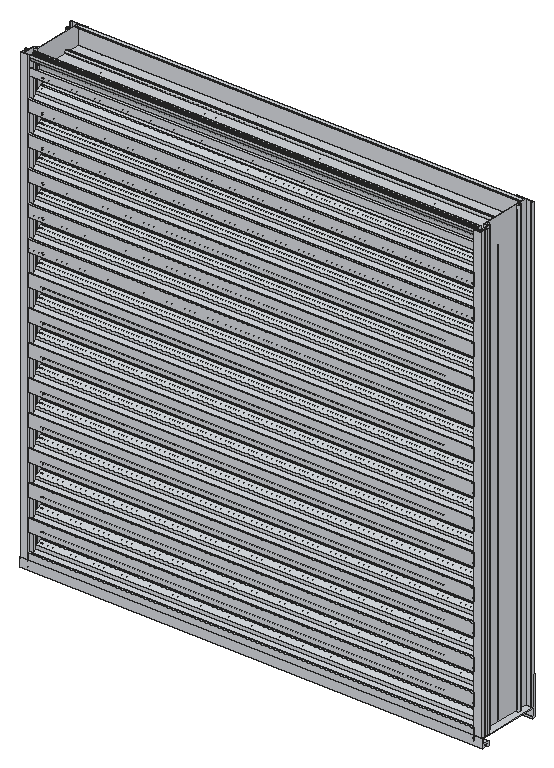
Revit family "D-HV-5", category Generic Models, Revit 2025
Family settings
  Can host rebar = No
  Round Connector Dimension = Use Diameter
  Part Type = Normal
  Work Plane-Based = No
  Always vertical = Yes
  Cut with Voids When Loaded = No
  Maintain Annotation Orientation = No
  Shared = No
  Room Calculation Point = No
Parameters
  rear Blade First Spacing = 0' - 1 1/4"
  Width = 3' - 0"
  Rear Blade Spacing = 0' - 0 13/16"
  Rear Blade Height = Height - 0' 1 1/2"  # 2' - 10 1/2"
  Height = 3' - 0"
  Front Blade Width = Width - 0' 1 9/32"  # 2' - 10 23/32"
  Frnt First Blade Spacing = 0' - 2.70486"
  Frnt Blade Spacing = 0' - 2 7/16"
  Depth = 0' - 5"
  Default Elevation = 0' - 0"
  # Rear Blades = ((Width - 0' 1 1/4") / Rear Blade Spacing - 1)  # 42
  # Frnt Blades = ((Height - 0' 2 23/32") / Frnt Blade Spacing)  # 14
Reference planes (in)
  plane 1 "Center (Front/Back)": y = 0
  plane 2: z = 0
  plane 3 "Center (Left/Right)": x = 0
  plane 4: y = 2.5
  plane 5: y = -2.5
  plane 6: x = -18
  plane 7: x = 18
  plane 8: z = 36
  plane 9: z = 0.75
  plane 10: x = -17.35869
  plane 11: x = 17.35869
  plane 12: y = -1.25
  plane 13: y = 0.625
  plane 14: z = 10.5
Forms (in)
  Extrusion 1, solid
    sketch origin (-5.35306, 0, 0) x (1, 0, 0) y (0, 1, 0)
      loop
        line (-11.37287, 2.4875) -> (-12.64694, 2.4875) -> (-12.64694, 2.319) -> (-12.56613, 2.319) -> (-12.56613, 2.4065) -> (-12.08063, 2.4065) -> (-12.08063, 1.75182)
        arc (-12.08063, 1.75182) -> (-12.20807, 1.76743) -> (-12.30405, 1.68216) r 0.156
        line (-12.30405, 1.68216) -> (-12.22675, 1.66144)
        arc (-12.22675, 1.66144) -> (-12.08363, 1.6185) -> (-12.22675, 1.57556) r 0.078
        line (-12.22675, 1.57556) -> (-12.30405, 1.55484)
        arc (-12.30405, 1.55484) -> (-12.20707, 1.46926) -> (-12.07885, 1.48627) r 0.156
        line (-12.07885, 1.48627) -> (-12.07885, -1.3102)
        arc (-12.07885, -1.3102) -> (-12.14578, -1.28814) -> (-12.21558, -1.29778) r 0.156
        line (-12.21558, -1.29778) -> (-12.17556, -1.36709)
        arc (-12.17556, -1.36709) -> (-12.10473, -1.49865) -> (-12.23629, -1.42782) r 0.078
        line (-12.23629, -1.42782) -> (-12.3056, -1.3878)
        arc (-12.3056, -1.3878) -> (-12.31524, -1.45759) -> (-12.2932, -1.5245) r 0.156
        line (-12.2932, -1.5245) -> (-12.40313, -1.5245) -> (-12.40313, -1.8995) -> (-12.64113, -1.8995) -> (-12.64113, -1.9815) -> (-12.57213, -1.9815) -> (-12.57213, -2.0425) -> (-12.49113, -2.0425) -> (-12.49113, -1.9815) -> (-12.40313, -1.9815) -> (-12.40313, -2.3785) -> (-12.49113, -2.3785) -> (-12.49113, -2.2655) -> (-12.57213, -2.2655) -> (-12.57213, -2.4875) -> (-12.00563, -2.4875) -> (-12.00563, -2.4065) -> (-12.32813, -2.4065) -> (-12.32813, -1.5995) -> (-12.00563, -1.5995) -> (-12.00563, 2.4065) -> (-11.37287, 2.4065) -> (-11.37287, 2.4875)
    from 0.75 to 36
  Extrusion 2, solid
    sketch origin (0, -8.92716, -0.0179) x (0, 1, 0) y (0, 0, 1)
      loop
        line (7.00916, 0.0179) -> (7.00916, 0.3379) -> (6.50916, 0.3379) -> (6.50916, 0.6859) -> (11.43891, 0.6859) -> (11.43891, 0.0999) -> (11.33341, 0.0999) -> (11.33341, 0.0179) -> (11.52091, 0.0179) -> (11.52091, 3.0179) -> (11.43891, 3.0179) -> (11.43891, 0.7679) -> (6.42716, 0.7679) -> (6.42716, 0.0869) -> (6.64316, 0.0869) -> (6.64316, 0.1679) -> (6.53016, 0.1679) -> (6.53016, 0.2559) -> (6.92716, 0.2559) -> (6.92716, 0.1679) -> (6.86616, 0.1679) -> (6.86616, 0.0869) -> (6.92716, 0.0869) -> (6.92716, 0.0179) -> (7.00916, 0.0179)
    from -18 to 18
  Extrusion 3, solid
    sketch origin (0, -0.18609, -18.15174) x (0, 1, 0) y (0, 0, 1)
      loop
        line (2.25989, 54.07074) -> (2.47989, 54.07074) -> (2.47989, 52.73274) -> (1.46936, 52.73274)
        arc (1.46936, 52.73274) -> (1.48496, 52.86018) -> (1.39969, 52.95617) r 0.156
        line (1.39969, 52.95617) -> (1.37898, 52.87886)
        arc (1.37898, 52.87886) -> (1.33604, 52.73574) -> (1.29309, 52.87886) r 0.078
        line (1.29309, 52.87886) -> (1.27238, 52.95617)
        arc (1.27238, 52.95617) -> (1.18711, 52.86018) -> (1.20271, 52.73274) r 0.156
        line (1.20271, 52.73274) -> (-0.65627, 52.73274)
        arc (-0.65627, 52.73274) -> (-0.64067, 52.86018) -> (-0.72594, 52.95617) r 0.156
        line (-0.72594, 52.95617) -> (-0.74666, 52.87886)
        arc (-0.74666, 52.87886) -> (-0.7896, 52.73574) -> (-0.83254, 52.87886) r 0.078
        line (-0.83254, 52.87886) -> (-0.85325, 52.95617)
        arc (-0.85325, 52.95617) -> (-0.93852, 52.86018) -> (-0.92292, 52.73274) r 0.156
        line (-0.92292, 52.73274) -> (-1.17664, 52.73274)
        arc (-1.17664, 52.73274) -> (-1.34589, 53.24224) -> (-1.7595, 53.58453) r 0.97349
        arc (-1.7595, 53.58453) -> (-1.92555, 53.69056) -> (-2.06193, 53.83274) r 0.82977
        line (-2.06193, 53.83274) -> (-1.69473, 53.83274) -> (-1.69473, 54.15174) -> (-1.77573, 54.15174) -> (-1.77573, 54.08274) -> (-1.83673, 54.08274) -> (-1.83673, 54.00174) -> (-1.77573, 54.00174) -> (-1.77573, 53.91374) -> (-2.11371, 53.91374) -> (-2.11371, 54.00174) -> (-2.05973, 54.00174) -> (-2.05973, 54.08274) -> (-2.18871, 54.08274) -> (-2.18871, 53.87812)
        arc (-2.18871, 53.87812) -> (-2.01831, 53.66402) -> (-1.79193, 53.5103) r 0.9095
        arc (-1.79193, 53.5103) -> (-1.41369, 53.19788) -> (-1.25771, 52.73274) r 0.89249
        line (-1.25771, 52.73274) -> (-2.10771, 52.73274) -> (-2.10771, 53.17782) -> (-2.18871, 53.17782) -> (-2.18871, 52.65174) -> (2.56089, 52.65174) -> (2.56089, 54.15174) -> (2.25989, 54.15174) -> (2.25989, 54.07074)
    from -17.35869 to 17.35869
  Extrusion 4, solid
    sketch origin (5.35306, 0, 0) x (-1, 0, 0) y (0, -1, 0)
      loop
        line (-11.37287, -2.4875) -> (-11.37287, -2.4065) -> (-12.00563, -2.4065) -> (-12.00563, 1.5995) -> (-12.32813, 1.5995) -> (-12.32813, 2.4065) -> (-12.00563, 2.4065) -> (-12.00563, 2.4875) -> (-12.57213, 2.4875) -> (-12.57213, 2.2655) -> (-12.49113, 2.2655) -> (-12.49113, 2.3785) -> (-12.40313, 2.3785) -> (-12.40313, 1.9815) -> (-12.49113, 1.9815) -> (-12.49113, 2.0425) -> (-12.57213, 2.0425) -> (-12.57213, 1.9815) -> (-12.64113, 1.9815) -> (-12.64113, 1.8995) -> (-12.40313, 1.8995) -> (-12.40313, 1.5245) -> (-12.2932, 1.5245)
        arc (-12.2932, 1.5245) -> (-12.31524, 1.45759) -> (-12.3056, 1.3878) r 0.156
        line (-12.3056, 1.3878) -> (-12.23629, 1.42782)
        arc (-12.23629, 1.42782) -> (-12.10473, 1.49865) -> (-12.17556, 1.36709) r 0.078
        line (-12.17556, 1.36709) -> (-12.21558, 1.29778)
        arc (-12.21558, 1.29778) -> (-12.14578, 1.28814) -> (-12.07885, 1.3102) r 0.156
        line (-12.07885, 1.3102) -> (-12.07885, -1.48627)
        arc (-12.07885, -1.48627) -> (-12.20707, -1.46926) -> (-12.30405, -1.55484) r 0.156
        line (-12.30405, -1.55484) -> (-12.22675, -1.57556)
        arc (-12.22675, -1.57556) -> (-12.08363, -1.6185) -> (-12.22675, -1.66144) r 0.078
        line (-12.22675, -1.66144) -> (-12.30405, -1.68216)
        arc (-12.30405, -1.68216) -> (-12.20807, -1.76743) -> (-12.08063, -1.75182) r 0.156
        line (-12.08063, -1.75182) -> (-12.08063, -2.4065) -> (-12.56613, -2.4065) -> (-12.56613, -2.319) -> (-12.64694, -2.319) -> (-12.64694, -2.4875) -> (-11.37287, -2.4875)
    from 0.75 to 36
Dimensions and locks (in)
  equal spacing: plane 4, plane 1 "Center (Front/Back)", plane 5
  "Depth": plane 4 to plane 5
  equal spacing: plane 6, plane 3 "Center (Left/Right)", plane 7
  "Width": plane 6 to plane 7
  "Height": plane 8 to level
  plane 9 to level = 0' - 0 3/4"
  plane 6 to plane 10 = 0' - 0.64131"
  plane 11 to plane 7 = 0' - 0.64131"
  plane 5 to plane 12 = 0' - 1 1/4"
  "Frnt First Blade Spacing": plane 8 to nested 1
  equal spacing: group 1, group 2, group 3, group 4, group 17, group 18, group 19, group 20, group 21, group 22, group 23, group 24, group 25, group 26  (x2)
  equal spacing: group 26, group 25, group 24, group 23, group 22, group 21, group 20, group 19, group 18, group 17, group 4, group 3, group 2, group 1
  "Frnt Blade Spacing": nested 2 to nested 1
  plane 4 to plane 13 = 0' - 1 7/8"
  "rear Blade First Spacing": plane 6 to nested 5
  equal spacing: group 5, group 6, group 7, group 8, group 9, group 10, group 11, group 12, group 13, group 14, group 15, group 16, group 27, group 28, group 29, group 30, group 31, group 32, group 33, group 34, group 35, group 36, group 37, group 38, group 39, group 40, group 41, group 42, group 43, group 44, group 45, group 46, group 47, group 48, group 49, group 50, group 51, group 52, group 53, group 54, group 55, group 56  (x3)
  "Rear Blade Spacing": nested 5 to nested 6
  aligned and locked: plane 2 to level
  aligned and locked: Extrusion 1 to plane 9
  aligned and locked: Extrusion 2 to plane 6
  aligned and locked: plane 8 to Extrusion 1
  aligned and locked: plane 7 to Extrusion 2
  aligned and locked: Extrusion 2 to Extrusion 1
  aligned and locked: Extrusion 3 to Extrusion 1
  aligned and locked: plane 10 to Extrusion 3
  aligned and locked: plane 8 to Extrusion 4
  aligned and locked: Extrusion 3 to plane 11
Automatic sketch dimensions
  Extrusion 1 sketch curve to Extrusion 1 sketch curve = 0' - 0"  (x15)
  Extrusion 1 sketch curve to plane 6 = 0' - 0"
  Extrusion 1 sketch curve to plane 10 = 0' - 0"  (x2)
  plane 6 to Extrusion 1 sketch curve = 0' - 0.00581"
  plane 6 to Extrusion 1 sketch curve = 0' - 0.07481"  (x2)
  plane 6 to Extrusion 1 sketch curve = 0' - 0.08081"
  Extrusion 1 sketch curve to Extrusion 1 sketch curve = 0' - 0.081"  (x2)
  plane 6 to Extrusion 1 sketch curve = 0' - 0.24381"
  Extrusion 1 sketch curve to Extrusion 1 sketch curve = 0' - 0.088"
  Extrusion 1 sketch curve to Extrusion 1 sketch curve = 0' - 0.075"  (x2)
  Extrusion 1 sketch curve to Extrusion 1 sketch curve = 0' - 0.09753"
  plane 10 to Extrusion 1 sketch curve = 0' - 0.29842"
  Extrusion 1 sketch curve to Extrusion 1 sketch curve = 0' - 0.03493"
  Extrusion 1 sketch curve to Extrusion 1 sketch curve = 0' - 0.06931"
  Extrusion 1 sketch curve to Extrusion 1 sketch curve = 0' - 0.07731"  (x2)
  Extrusion 1 sketch curve to Extrusion 1 sketch curve = 0' - 0.09002"
  Extrusion 1 sketch curve to Extrusion 1 sketch curve = 0' - 0.04002"  (x2)
  Extrusion 1 sketch curve to Extrusion 1 sketch curve = 0' - 0.06512"
  Extrusion 1 sketch curve to Extrusion 1 sketch curve = 0' - 0.01568"
  plane 10 to Extrusion 1 sketch curve = 0' - 0.075"
  plane 10 to Extrusion 1 sketch curve = 0' - 0.07322"
  Extrusion 1 sketch curve to plane 4 = 0' - 0.0935"
  Extrusion 1 sketch curve to Extrusion 1 sketch curve = 0' - 0.63276"
  Extrusion 1 sketch curve to Extrusion 1 sketch curve = 0' - 0.0875"
  Extrusion 1 sketch curve to Extrusion 1 sketch curve = 0' - 0.65468"
  Extrusion 1 sketch curve to Extrusion 1 sketch curve = 0' - 0.06967"
  Extrusion 1 sketch curve to Extrusion 1 sketch curve = 0' - 0.04294"
  Extrusion 1 sketch curve to Extrusion 1 sketch curve = 0' - 0.02071"
  plane 5 to Extrusion 1 sketch curve = 0' - 1.20222"
  Extrusion 1 sketch curve to Extrusion 1 sketch curve = 0' - 0.01241"
  Extrusion 1 sketch curve to Extrusion 1 sketch curve = 0' - 0.07641"
  Extrusion 1 sketch curve to Extrusion 1 sketch curve = 0' - 0.3"
  Extrusion 1 sketch curve to Extrusion 1 sketch curve = 0' - 0.082"
  Extrusion 1 sketch curve to Extrusion 1 sketch curve = 0' - 0.061"
  Extrusion 1 sketch curve to Extrusion 1 sketch curve = 0' - 0.223"
  Extrusion 1 sketch curve to Extrusion 1 sketch curve = 0' - 0.113"
  plane 5 to Extrusion 1 sketch curve = 0' - 0.0935"
  plane 5 to Extrusion 1 sketch curve = 0' - 0.0125"
  Extrusion 1 sketch curve to plane 4 = 0' - 0.0125"
  Extrusion 2 sketch curve to plane 5 = 0' - 0"
  Extrusion 2 sketch curve to level = 0' - 0"  (x2)
  Extrusion 2 sketch curve to plane 9 = 0' - 0"
  plane 5 to Extrusion 2 sketch curve = 0' - 0.082"
  plane 5 to Extrusion 2 sketch curve = 0' - 0.103"
  Extrusion 2 sketch curve to Extrusion 2 sketch curve = 0' - 0.113"
  Extrusion 2 sketch curve to Extrusion 2 sketch curve = 0' - 0.223"
  Extrusion 2 sketch curve to Extrusion 2 sketch curve = 0' - 0.061"  (x2)
  Extrusion 2 sketch curve to Extrusion 2 sketch curve = 0' - 0.082"  (x2)
  Extrusion 2 sketch curve to plane 4 = 0' - 0 3/32"
  plane 4 to Extrusion 2 sketch curve = 0' - 0.01175"  (x2)
  plane 4 to Extrusion 2 sketch curve = 0' - 0 3/32"
  level to Extrusion 2 sketch curve = 0' - 0.069"  (x2)
  level to Extrusion 2 sketch curve = 0' - 0.082"
  Extrusion 2 sketch curve to Extrusion 2 sketch curve = 0' - 0.081"  (x2)
  Extrusion 2 sketch curve to Extrusion 2 sketch curve = 0' - 0.088"
  Extrusion 2 sketch curve to plane 9 = 0' - 0.082"
  plane 9 to Extrusion 2 sketch curve = 0' - 2 1/4"
  Extrusion 3 sketch curve to Extrusion 3 sketch curve = 0' - 0"  (x16)
  Extrusion 3 sketch curve to plane 8 = 0' - 0"  (x2)
  plane 5 to Extrusion 3 sketch curve = 0' - 0.1252"  (x2)
  Extrusion 3 sketch curve to Extrusion 3 sketch curve = 0' - 0.03942"
  Extrusion 3 sketch curve to Extrusion 3 sketch curve = 0' - 0.075"
  Extrusion 3 sketch curve to Extrusion 3 sketch curve = 0' - 0.04158"
  Extrusion 3 sketch curve to Extrusion 3 sketch curve = 0' - 0.05178"
  Extrusion 3 sketch curve to Extrusion 3 sketch curve = 0' - 0.05399"
  Extrusion 3 sketch curve to plane 8 = 0' - 0.069"  (x2)
  Extrusion 3 sketch curve to Extrusion 3 sketch curve = 0' - 0.223"
  Extrusion 3 sketch curve to Extrusion 3 sketch curve = 0' - 0.061"  (x2)
  Extrusion 3 sketch curve to Extrusion 3 sketch curve = 0' - 0.081"  (x5)
  plane 8 to Extrusion 3 sketch curve = 0' - 0.17928"
  Extrusion 3 sketch curve to Extrusion 3 sketch curve = 0' - 0.29473"
  Extrusion 3 sketch curve to Extrusion 3 sketch curve = 0' - 0.00087"
  Extrusion 3 sketch curve to Extrusion 3 sketch curve = 0' - 0.85"
  Extrusion 3 sketch curve to Extrusion 3 sketch curve = 0' - 0.08108"
  Extrusion 3 sketch curve to Extrusion 3 sketch curve = 0' - 0.25372"
  Extrusion 3 sketch curve to Extrusion 3 sketch curve = 0' - 0.06967"  (x2)
  Extrusion 3 sketch curve to Extrusion 3 sketch curve = 0' - 0.02071"  (x4)
  Extrusion 3 sketch curve to Extrusion 3 sketch curve = 0' - 0.04294"  (x4)
  Extrusion 3 sketch curve to Extrusion 3 sketch curve = 0' - 0.13332"  (x2)
  Extrusion 3 sketch curve to plane 1 "Center (Front/Back)" = 0' - 1.01663"
  Extrusion 3 sketch curve to plane 8 = 0' - 0.081"
  Extrusion 3 sketch curve to plane 4 = 0' - 0.4262"
  Extrusion 3 sketch curve to plane 4 = 0' - 0.2062"
  Extrusion 3 sketch curve to plane 8 = 0' - 0.15"
  Extrusion 3 sketch curve to Extrusion 3 sketch curve = 0' - 0.088"
  Extrusion 3 sketch curve to Extrusion 3 sketch curve = 0' - 0.03562"
  Extrusion 3 sketch curve to Extrusion 3 sketch curve = 0' - 0.65492"
  Extrusion 3 sketch curve to plane 8 = 0' - 1.19558"  (x2)
  Extrusion 3 sketch curve to Extrusion 3 sketch curve = 0' - 0.07731"  (x2)
  Extrusion 3 sketch curve to Extrusion 3 sketch curve = 0' - 0.06512"
  Extrusion 3 sketch curve to Extrusion 3 sketch curve = 0' - 0.44508"
  Extrusion 3 sketch curve to Extrusion 3 sketch curve = 0' - 0.04026"
  Extrusion 3 sketch curve to Extrusion 3 sketch curve = 0' - 0.00094"
  Extrusion 4 sketch curve to Extrusion 4 sketch curve = 0' - 0"  (x13)
  Extrusion 4 sketch curve to plane 7 = 0' - 0"
  Extrusion 4 sketch curve to plane 11 = 0' - 0"  (x2)
  Extrusion 4 sketch curve to plane 7 = 0' - 0.00581"
  Extrusion 4 sketch curve to plane 7 = 0' - 0.07481"  (x2)
  Extrusion 4 sketch curve to plane 7 = 0' - 0.08081"
  Extrusion 4 sketch curve to Extrusion 4 sketch curve = 0' - 0.081"  (x2)
  Extrusion 4 sketch curve to plane 7 = 0' - 0.24381"
  Extrusion 4 sketch curve to Extrusion 4 sketch curve = 0' - 0.088"
  Extrusion 4 sketch curve to Extrusion 4 sketch curve = 0' - 0.075"
  Extrusion 4 sketch curve to Extrusion 4 sketch curve = 0' - 0.09753"
  Extrusion 4 sketch curve to plane 11 = 0' - 0.29842"
  Extrusion 4 sketch curve to Extrusion 4 sketch curve = 0' - 0.03493"
  Extrusion 4 sketch curve to Extrusion 4 sketch curve = 0' - 0.06931"
  Extrusion 4 sketch curve to Extrusion 4 sketch curve = 0' - 0.07731"  (x2)
  Extrusion 4 sketch curve to Extrusion 4 sketch curve = 0' - 0.09002"
  Extrusion 4 sketch curve to Extrusion 4 sketch curve = 0' - 0.04002"  (x2)
  Extrusion 4 sketch curve to Extrusion 4 sketch curve = 0' - 0.06512"
  Extrusion 4 sketch curve to Extrusion 4 sketch curve = 0' - 0.01568"
  Extrusion 4 sketch curve to plane 11 = 0' - 0.075"
  Extrusion 4 sketch curve to plane 11 = 0' - 0.07322"
  Extrusion 4 sketch curve to plane 4 = 0' - 0.0935"  (x2)
  Extrusion 4 sketch curve to Extrusion 4 sketch curve = 0' - 0.63276"
  Extrusion 4 sketch curve to plane 4 = 0' - 0.0125"
  Extrusion 4 sketch curve to Extrusion 4 sketch curve = 0' - 0.0875"
  Extrusion 4 sketch curve to Extrusion 4 sketch curve = 0' - 0.65468"
  Extrusion 4 sketch curve to Extrusion 4 sketch curve = 0' - 0.06967"
  Extrusion 4 sketch curve to Extrusion 4 sketch curve = 0' - 0.04294"
  Extrusion 4 sketch curve to Extrusion 4 sketch curve = 0' - 0.02071"
  plane 5 to Extrusion 4 sketch curve = 0' - 1.20222"
  Extrusion 4 sketch curve to Extrusion 4 sketch curve = 0' - 0.01241"
  Extrusion 4 sketch curve to Extrusion 4 sketch curve = 0' - 0.07641"
  Extrusion 4 sketch curve to Extrusion 4 sketch curve = 0' - 0.156"
  Extrusion 4 sketch curve to Extrusion 4 sketch curve = 0' - 0.3"
  Extrusion 4 sketch curve to Extrusion 4 sketch curve = 0' - 0.082"  (x2)
  Extrusion 4 sketch curve to Extrusion 4 sketch curve = 0' - 0.061"
  Extrusion 4 sketch curve to Extrusion 4 sketch curve = 0' - 0.223"
  Extrusion 4 sketch curve to Extrusion 4 sketch curve = 0' - 0.113"
  Extrusion 4 sketch curve to Extrusion 4 sketch curve = 0' - 0.028"
  plane 5 to Extrusion 4 sketch curve = 0' - 0.0125"
Nested families (in)
  nested 1: "Front Blade" at (0, -1.25, 33.29514), type "Front Blade"
    with Front Blade Width 2' - 10 23/32"
  nested 2: "Front Blade" at (0, -1.25, 30.85764), type "Front Blade"
    with Front Blade Width 2' - 10 23/32"
  nested 3: "Front Blade" at (0, -1.25, 28.42014), type "Front Blade"
    with Front Blade Width 2' - 10 23/32"
  nested 4: "Front Blade" at (0, -1.25, 25.98264), type "Front Blade"
    with Front Blade Width 2' - 10 23/32"
  nested 5: "Rear Blade" at (-16.75, 0.625, 0), type "Rear Blade"
    with Rear Blade Height 2' - 10 1/2"
  nested 6: "Rear Blade" at (-15.9375, 0.625, 0), type "Rear Blade"
    with Rear Blade Height 2' - 10 1/2"
  nested 7: "Rear Blade" at (-15.125, 0.625, 0), type "Rear Blade"
    with Rear Blade Height 2' - 10 1/2"
  nested 8: "Rear Blade" at (-14.3125, 0.625, 0), type "Rear Blade"
    with Rear Blade Height 2' - 10 1/2"
  nested 9: "Rear Blade" at (-13.5, 0.625, 0), type "Rear Blade"
    with Rear Blade Height 2' - 10 1/2"
  nested 10: "Rear Blade" at (-12.6875, 0.625, 0), type "Rear Blade"
    with Rear Blade Height 2' - 10 1/2"
  nested 11: "Rear Blade" at (-11.875, 0.625, 0), type "Rear Blade"
    with Rear Blade Height 2' - 10 1/2"
  nested 12: "Rear Blade" at (-11.0625, 0.625, 0), type "Rear Blade"
    with Rear Blade Height 2' - 10 1/2"
  nested 13: "Rear Blade" at (-10.25, 0.625, 0), type "Rear Blade"
    with Rear Blade Height 2' - 10 1/2"
  nested 14: "Rear Blade" at (-9.4375, 0.625, 0), type "Rear Blade"
    with Rear Blade Height 2' - 10 1/2"
  nested 15: "Rear Blade" at (-8.625, 0.625, 0), type "Rear Blade"
    with Rear Blade Height 2' - 10 1/2"
  nested 16: "Rear Blade" at (-7.8125, 0.625, 0), type "Rear Blade"
    with Rear Blade Height 2' - 10 1/2"
  nested 17: "Front Blade" at (0, -1.25, 23.54514), type "Front Blade"
    with Front Blade Width 2' - 10 23/32"
  nested 18: "Front Blade" at (0, -1.25, 21.10764), type "Front Blade"
    with Front Blade Width 2' - 10 23/32"
  nested 19: "Front Blade" at (0, -1.25, 18.67014), type "Front Blade"
    with Front Blade Width 2' - 10 23/32"
  nested 20: "Front Blade" at (0, -1.25, 16.23264), type "Front Blade"
    with Front Blade Width 2' - 10 23/32"
  nested 21: "Front Blade" at (0, -1.25, 13.79514), type "Front Blade"
    with Front Blade Width 2' - 10 23/32"
  nested 22: "Front Blade" at (0, -1.25, 11.35764), type "Front Blade"
    with Front Blade Width 2' - 10 23/32"
  nested 23: "Front Blade" at (0, -1.25, 8.92014), type "Front Blade"
    with Front Blade Width 2' - 10 23/32"
  nested 24: "Front Blade" at (0, -1.25, 6.48264), type "Front Blade"
    with Front Blade Width 2' - 10 23/32"
  nested 25: "Front Blade" at (0, -1.25, 4.04514), type "Front Blade"
    with Front Blade Width 2' - 10 23/32"
  nested 26: "Front Blade" at (0, -1.25, 1.60764), type "Front Blade"
    with Front Blade Width 2' - 10 23/32"
  nested 27: "Rear Blade" at (-7, 0.625, 0), type "Rear Blade"
    with Rear Blade Height 2' - 10 1/2"
  nested 28: "Rear Blade" at (-6.1875, 0.625, 0), type "Rear Blade"
    with Rear Blade Height 2' - 10 1/2"
  nested 29: "Rear Blade" at (-5.375, 0.625, 0), type "Rear Blade"
    with Rear Blade Height 2' - 10 1/2"
  nested 30: "Rear Blade" at (-4.5625, 0.625, 0), type "Rear Blade"
    with Rear Blade Height 2' - 10 1/2"
  nested 31: "Rear Blade" at (-3.75, 0.625, 0), type "Rear Blade"
    with Rear Blade Height 2' - 10 1/2"
  nested 32: "Rear Blade" at (-2.9375, 0.625, 0), type "Rear Blade"
    with Rear Blade Height 2' - 10 1/2"
  nested 33: "Rear Blade" at (-2.125, 0.625, 0), type "Rear Blade"
    with Rear Blade Height 2' - 10 1/2"
  nested 34: "Rear Blade" at (-1.3125, 0.625, 0), type "Rear Blade"
    with Rear Blade Height 2' - 10 1/2"
  nested 35: "Rear Blade" at (-0.5, 0.625, 0), type "Rear Blade"
    with Rear Blade Height 2' - 10 1/2"
  nested 36: "Rear Blade" at (0.3125, 0.625, 0), type "Rear Blade"
    with Rear Blade Height 2' - 10 1/2"
  nested 37: "Rear Blade" at (1.125, 0.625, 0), type "Rear Blade"
    with Rear Blade Height 2' - 10 1/2"
  nested 38: "Rear Blade" at (1.9375, 0.625, 0), type "Rear Blade"
    with Rear Blade Height 2' - 10 1/2"
  nested 39: "Rear Blade" at (2.75, 0.625, 0), type "Rear Blade"
    with Rear Blade Height 2' - 10 1/2"
  nested 40: "Rear Blade" at (3.5625, 0.625, 0), type "Rear Blade"
    with Rear Blade Height 2' - 10 1/2"
  nested 41: "Rear Blade" at (4.375, 0.625, 0), type "Rear Blade"
    with Rear Blade Height 2' - 10 1/2"
  nested 42: "Rear Blade" at (5.1875, 0.625, 0), type "Rear Blade"
    with Rear Blade Height 2' - 10 1/2"
  nested 43: "Rear Blade" at (6, 0.625, 0), type "Rear Blade"
    with Rear Blade Height 2' - 10 1/2"
  nested 44: "Rear Blade" at (6.8125, 0.625, 0), type "Rear Blade"
    with Rear Blade Height 2' - 10 1/2"
  nested 45: "Rear Blade" at (7.625, 0.625, 0), type "Rear Blade"
    with Rear Blade Height 2' - 10 1/2"
  nested 46: "Rear Blade" at (8.4375, 0.625, 0), type "Rear Blade"
    with Rear Blade Height 2' - 10 1/2"
  nested 47: "Rear Blade" at (9.25, 0.625, 0), type "Rear Blade"
    with Rear Blade Height 2' - 10 1/2"
  nested 48: "Rear Blade" at (10.0625, 0.625, 0), type "Rear Blade"
    with Rear Blade Height 2' - 10 1/2"
  nested 49: "Rear Blade" at (10.875, 0.625, 0), type "Rear Blade"
    with Rear Blade Height 2' - 10 1/2"
  nested 50: "Rear Blade" at (11.6875, 0.625, 0), type "Rear Blade"
    with Rear Blade Height 2' - 10 1/2"
  nested 51: "Rear Blade" at (12.5, 0.625, 0), type "Rear Blade"
    with Rear Blade Height 2' - 10 1/2"
  nested 52: "Rear Blade" at (13.3125, 0.625, 0), type "Rear Blade"
    with Rear Blade Height 2' - 10 1/2"
  nested 53: "Rear Blade" at (14.125, 0.625, 0), type "Rear Blade"
    with Rear Blade Height 2' - 10 1/2"
  nested 54: "Rear Blade" at (14.9375, 0.625, 0), type "Rear Blade"
    with Rear Blade Height 2' - 10 1/2"
  nested 55: "Rear Blade" at (15.75, 0.625, 0), type "Rear Blade"
    with Rear Blade Height 2' - 10 1/2"
  nested 56: "Rear Blade" at (16.5625, 0.625, 0), type "Rear Blade"
    with Rear Blade Height 2' - 10 1/2"
Definition of nested family "Front Blade"
  Parameters (values of type "Front Blade")
    Front Blade Width = 1' - 0"
    Default Elevation = 0' - 0"
  Reference planes (in)
    plane 1 "Center (Front/Back)": y = 0
    plane 2: z = 0
    plane 3 "Center (Left/Right)": x = 0
    plane 4: x = -6
    plane 5: x = 6
  Forms (in)
    Extrusion 1, solid
      sketch origin (0, -0.00038, 0) x (0, 1, 0) y (0, 0, 1)
        loop
          line (0.74284, 0.89566) -> (0.74284, 1.20499) -> (0.68284, 1.20474) -> (0.68284, 0.95017) -> (0.48521, 0.74982) -> (0.07916, 0.68814)
          arc (0.07916, 0.68814) -> (0.00902, 0.6565) -> (-0.04023, 0.59738) r 0.17156
          line (-0.04023, 0.59738) -> (0.02678, 0.54806)
          arc (0.02678, 0.54806) -> (0.20226, 0.53429) -> (0.03992, 0.46625) r 0.09056
          line (0.03992, 0.46625) -> (-0.02532, 0.41824)
          arc (-0.02532, 0.41824) -> (0.03454, 0.36729) -> (0.11084, 0.34838) r 0.17156
          line (0.11084, 0.34838) -> (-0.00638, 0.17144)
          arc (-0.00638, 0.17144) -> (-0.04965, 0.16421) -> (-0.08966, 0.14626) r 0.17156
          line (-0.08966, 0.14626) -> (-0.50016, -0.12821) -> (-0.50016, -0.35835) -> (-1.08942, -1.06234)
          arc (-1.08942, -1.06234) -> (-1.14584, -1.07702) -> (-1.17916, -1.02918) r 0.051
          line (-1.17916, -1.02918) -> (-1.17916, -0.37843)
          arc (-1.17916, -0.37843) -> (-1.14392, -0.3943) -> (-1.11098, -0.41454) r 0.30247
          arc (-1.11098, -0.41454) -> (-1.06917, -0.40735) -> (-1.07636, -0.36553) r 0.03
          arc (-1.07636, -0.36553) -> (-1.13659, -0.33112) -> (-1.20228, -0.3088) r 0.36247
          arc (-1.20228, -0.3088) -> (-1.22778, -0.31448) -> (-1.23916, -0.338) r 0.03
          line (-1.23916, -0.338) -> (-1.23916, -1.27839) -> (-1.18637, -1.27839) -> (-1.18637, -1.12369)
          arc (-1.18637, -1.12369) -> (-1.11098, -1.13884) -> (-1.04383, -1.10136) r 0.111
          line (-1.04383, -1.10136) -> (-0.44319, -0.39956)
          arc (-0.44319, -0.39956) -> (-0.42536, -0.36919) -> (-0.41916, -0.33453) r 0.1
          line (-0.41916, -0.33453) -> (-0.41916, -0.17303) -> (-0.17033, -0.02049)
          arc (-0.17033, -0.02049) -> (-0.10057, -0.13899) -> (0.03381, -0.16819) r 0.17156
          line (0.03381, -0.16819) -> (0.01785, -0.08878)
          arc (0.01785, -0.08878) -> (-0.06403, 0.06403) -> (0.08878, -0.01785) r 0.09056
          line (0.08878, -0.01785) -> (0.16819, -0.03381)
          arc (0.16819, -0.03381) -> (0.15882, 0.06486) -> (0.09644, 0.14189) r 0.17156
          line (0.09644, 0.14189) -> (0.2693, 0.44955)
          arc (0.2693, 0.44955) -> (0.28375, 0.50493) -> (0.27917, 0.56197) r 0.17156
          arc (0.27917, 0.56197) -> (0.2866, 0.60869) -> (0.32556, 0.63551) r 0.06
          line (0.32556, 0.63551) -> (0.52579, 0.67561) -> (0.74284, 0.89566)
      from -6 to 6
  Lines and regions (in)
    reference lines
      curve 1: line (0, -0.09093, 0) -> (0, 0.09018, 0)
      curve 2: line (0, -0.00038, 0.09056) -> (0, -0.00038, -0.09056)
  Dimensions and locks (in)
    equal spacing: plane 4, plane 3 "Center (Left/Right)", plane 5
    "Front Blade Width": plane 4 to plane 5
    aligned and locked: plane 2 to level
    aligned and locked: Extrusion 1 to plane 4
    aligned and locked: plane 5 to Extrusion 1
  Automatic sketch dimensions
    Extrusion 1 sketch curve to plane 1 "Center (Front/Back)" = 0' - 0.74246"
    level to Extrusion 1 sketch curve = 0' - 1.20499"
    Extrusion 1 sketch curve to Extrusion 1 sketch curve = 0' - 0.06"
    Extrusion 1 sketch curve to Extrusion 1 sketch curve = 0' - 0.00024"
    Extrusion 1 sketch curve to Extrusion 1 sketch curve = 0' - 0.30933"
    Extrusion 1 sketch curve to Extrusion 1 sketch curve = 0' - 0.05452"
    Extrusion 1 sketch curve to Extrusion 1 sketch curve = 0' - 0.19763"
    Extrusion 1 sketch curve to Extrusion 1 sketch curve = 0' - 0.20036"
    Extrusion 1 sketch curve to Extrusion 1 sketch curve = 0' - 0.04058"
    Extrusion 1 sketch curve to Extrusion 1 sketch curve = 0' - 0 19/256"
    Extrusion 1 sketch curve to Extrusion 1 sketch curve = 0' - 0.15965"
    Extrusion 1 sketch curve to Extrusion 1 sketch curve = 0' - 0.11431"
    Extrusion 1 sketch curve to plane 1 "Center (Front/Back)" = 0' - 0.07878"
    Extrusion 1 sketch curve to Extrusion 1 sketch curve = 0' - 0.05263"
    Extrusion 1 sketch curve to plane 1 "Center (Front/Back)" = 0' - 0.11247"
    Extrusion 1 sketch curve to Extrusion 1 sketch curve = 0' - 0.16821"
    plane 1 "Center (Front/Back)" to Extrusion 1 sketch curve = 0' - 0.04061"
    Extrusion 1 sketch curve to plane 1 "Center (Front/Back)" = 0' - 0.0264"
    Extrusion 1 sketch curve to Extrusion 1 sketch curve = 0' - 0.04931"
    Extrusion 1 sketch curve to Extrusion 1 sketch curve = 0' - 0"  (x16)
    Extrusion 1 sketch curve to plane 1 "Center (Front/Back)" = 0' - 0.03954"
    plane 1 "Center (Front/Back)" to Extrusion 1 sketch curve = 0' - 0.0257"
    Extrusion 1 sketch curve to Extrusion 1 sketch curve = 0' - 0.04801"
    Extrusion 1 sketch curve to plane 1 "Center (Front/Back)" = 0' - 0.11046"
    Extrusion 1 sketch curve to Extrusion 1 sketch curve = 0' - 0.01178"
    Extrusion 1 sketch curve to Extrusion 1 sketch curve = 0' - 0.05883"
    Extrusion 1 sketch curve to Extrusion 1 sketch curve = 0' - 0.05817"
    Extrusion 1 sketch curve to Extrusion 1 sketch curve = 0' - 0.00987"
    Extrusion 1 sketch curve to plane 1 "Center (Front/Back)" = 0' - 0.09606"
    level to Extrusion 1 sketch curve = 0' - 0.14189"
    plane 1 "Center (Front/Back)" to Extrusion 1 sketch curve = 0' - 0.00676"
    Extrusion 1 sketch curve to Extrusion 1 sketch curve = 0' - 0.02955"
    Extrusion 1 sketch curve to level = 0' - 0"
    plane 1 "Center (Front/Back)" to Extrusion 1 sketch curve = 0' - 0.00038"
    Extrusion 1 sketch curve to Extrusion 1 sketch curve = 0' - 0.08328"
    Extrusion 1 sketch curve to level = 0' - 0.12821"
    Extrusion 1 sketch curve to Extrusion 1 sketch curve = 0' - 0.4105"
    Extrusion 1 sketch curve to Extrusion 1 sketch curve = 0' - 0.23013"
    Extrusion 1 sketch curve to Extrusion 1 sketch curve = 0' - 0.58925"
    Extrusion 1 sketch curve to Extrusion 1 sketch curve = 0' - 0.704"
    Extrusion 1 sketch curve to Extrusion 1 sketch curve = 0' - 0.019"
    Extrusion 1 sketch curve to Extrusion 1 sketch curve = 0' - 0.05697"
    Extrusion 1 sketch curve to Extrusion 1 sketch curve = 0' - 0.04121"
    Extrusion 1 sketch curve to Extrusion 1 sketch curve = 0' - 0.02381"
    Extrusion 1 sketch curve to Extrusion 1 sketch curve = 0' - 0.04558"
    Extrusion 1 sketch curve to Extrusion 1 sketch curve = 0' - 0.03901"
    Extrusion 1 sketch curve to Extrusion 1 sketch curve = 0' - 0.04482"
    Extrusion 1 sketch curve to level = 0' - 0.02049"
    plane 1 "Center (Front/Back)" to Extrusion 1 sketch curve = 0' - 0.17071"
    Extrusion 1 sketch curve to plane 1 "Center (Front/Back)" = 0' - 0.03343"
    Extrusion 1 sketch curve to plane 1 "Center (Front/Back)" = 0' - 0.01747"
    Extrusion 1 sketch curve to Extrusion 1 sketch curve = 0' - 0.07941"  (x2)
    Extrusion 1 sketch curve to level = 0' - 0.01785"
    Extrusion 1 sketch curve to level = 0' - 0.03381"
    Extrusion 1 sketch curve to Extrusion 1 sketch curve = 0' - 0.03875"
    Extrusion 1 sketch curve to Extrusion 1 sketch curve = 0' - 0.03316"
    Extrusion 1 sketch curve to level = 0' - 0.37843"
    Extrusion 1 sketch curve to Extrusion 1 sketch curve = 0' - 0.10632"
    Extrusion 1 sketch curve to Extrusion 1 sketch curve = 0' - 0.28317"
    Extrusion 1 sketch curve to Extrusion 1 sketch curve = 0' - 0.06818"
    Extrusion 1 sketch curve to Extrusion 1 sketch curve = 0' - 0.01731"  (x2)
    Extrusion 1 sketch curve to Extrusion 1 sketch curve = 0' - 0.02311"
    Extrusion 1 sketch curve to Extrusion 1 sketch curve = 0' - 0.00689"
    Extrusion 1 sketch curve to Extrusion 1 sketch curve = 0' - 0.03"
    Extrusion 1 sketch curve to Extrusion 1 sketch curve = 0' - 0.1547"
    Extrusion 1 sketch curve to Extrusion 1 sketch curve = 0' - 0.05279"
    curve 1 to level = 0' - 0"
    plane 1 "Center (Front/Back)" to curve 1 = 0' - 0.09093"
    plane 1 "Center (Front/Back)" to curve 2 = 0' - 0.00038"
    curve 1 to plane 1 "Center (Front/Back)" = 0' - 0.09018"
    curve 2 to level = 0' - 0.09056"
    level to curve 2 = 0' - 0.09056"
Definition of nested family "Rear Blade"
  Parameters (values of type "Rear Blade")
    Rear Blade Height = 0' - 10 1/2"
    Default Elevation = 0' - 0"
  Reference planes (in)
    plane 1 "Center (Front/Back)": y = 0
    plane 2: z = 0
    plane 3 "Center (Left/Right)": x = 0
    plane 4: z = 10.5
    plane 5: z = 0.75
  Forms (in)
    Extrusion 1, solid
      sketch origin (0, 0, 0) x (0, 1, 0) y (-1, 0, 0)
        loop
          line (1.7661, -0.41597) -> (1.7661, -0.29052) -> (1.55356, -0.24873) -> (1.55784, -0.31269)
          arc (1.55784, -0.31269) -> (1.52409, -0.31339) -> (1.49475, -0.29669) r 0.06349
          line (1.49475, -0.29669) -> (1.356, -0.15759)
          arc (1.356, -0.15759) -> (1.21928, -0.04177) -> (1.06516, 0.04962) r 1.07032
          arc (1.06516, 0.04962) -> (1.01167, 0.0992) -> (0.99495, 0.17019) r 0.125
          arc (0.99495, 0.17019) -> (0.97628, 0.24981) -> (0.91644, 0.30556) r 0.14056
          arc (0.91644, 0.30556) -> (0.78118, 0.36464) -> (0.63368, 0.36984) r 0.39434
          arc (0.63368, 0.36984) -> (0.618, 0.34846) -> (0.63939, 0.33278) r 0.01875
          arc (0.63939, 0.33278) -> (0.68963, 0.33693) -> (0.73996, 0.33395) r 0.35684
          line (0.73996, 0.33395) -> (0.7843, 0.2436)
          arc (0.7843, 0.2436) -> (0.90896, 0.16987) -> (0.76487, 0.15523) r 0.07623
          line (0.76487, 0.15523) -> (0.72892, 0.14559) -> (0.72892, 0.11431) -> (0.0117, 0.16514)
          arc (0.0117, 0.16514) -> (-0.06484, 0.15233) -> (-0.12714, 0.10604) r 0.16556
          line (-0.12714, 0.10604) -> (-0.06954, 0.058)
          arc (-0.06954, 0.058) -> (0.0892, -0.01561) -> (-0.0851, -0.03095) r 0.09056
          line (-0.0851, -0.03095) -> (-0.18441, -0.06966) -> (-0.19872, -0.03294) -> (-0.2453, -0.0511) -> (-0.23099, -0.08782) -> (-0.31039, -0.11877) -> (-0.60456, -0.52563) -> (-0.64004, -0.498)
          arc (-0.64004, -0.498) -> (-0.69695, -0.41264) -> (-0.79271, -0.37584) r 0.16926
          line (-0.79271, -0.37584) -> (-0.79271, -0.42596)
          arc (-0.79271, -0.42596) -> (-0.68344, -0.5448) -> (-0.79271, -0.66364) r 0.11926
          line (-0.79271, -0.66364) -> (-0.79271, -0.73047)
          arc (-0.79271, -0.73047) -> (-0.77521, -0.75031) -> (-0.75334, -0.73543) r 0.02
          line (-0.75334, -0.73543) -> (-0.74271, -0.70068)
          arc (-0.74271, -0.70068) -> (-0.63115, -0.6341) -> (-0.54376, -0.53795) r 0.44204
          line (-0.54376, -0.53795) -> (-0.26636, -0.18178) -> (-0.21651, -0.16235)
          arc (-0.21651, -0.16235) -> (-0.2103, -0.19274) -> (-0.21394, -0.22354) r 0.09764
          line (-0.21394, -0.22354) -> (-0.16664, -0.23736)
          arc (-0.16664, -0.23736) -> (-0.16102, -0.20551) -> (-0.16247, -0.1732) r 0.14764
          line (-0.16247, -0.1732) -> (-0.05715, -0.15538)
          arc (-0.05715, -0.15538) -> (0.11221, -0.12172) -> (0.1595, 0.04435) r 0.16556
          line (0.1595, 0.04435) -> (0.19162, 0.04202) -> (0.19421, 0.07777) -> (0.24425, 0.07415) -> (0.24167, 0.0384) -> (0.29171, 0.03478) -> (0.2943, 0.07053) -> (0.34434, 0.06691) -> (0.33917, -0.00458)
          arc (0.33917, -0.00458) -> (0.32458, -0.04759) -> (0.29212, -0.07934) r 0.09764
          line (0.29212, -0.07934) -> (0.31713, -0.12181)
          arc (0.31713, -0.12181) -> (0.36686, -0.07369) -> (0.38921, -0.0082) r 0.14764
          line (0.38921, -0.0082) -> (0.39439, 0.06329) -> (0.44443, 0.05967) -> (0.44184, 0.02392) -> (0.49189, 0.0203) -> (0.49447, 0.05605) -> (0.54452, 0.05243) -> (0.54193, 0.01668) -> (0.59197, 0.01306) -> (0.59456, 0.04881) -> (0.6446, 0.04519) -> (0.64202, 0.00944) -> (0.69206, 0.00582) -> (0.69462, 0.04118)
          arc (0.69462, 0.04118) -> (0.71958, 0.03833) -> (0.74447, 0.03482) r 0.95952
          line (0.74447, 0.03482) -> (0.74211, 0.0022) -> (0.924, -0.01096)
          arc (0.924, -0.01096) -> (0.95974, -0.02467) -> (0.99491, -0.0398) r 0.95952
          line (0.99491, -0.0398) -> (1.00801, -0.00643)
          arc (1.00801, -0.00643) -> (1.03248, -0.01789) -> (1.05663, -0.03001) r 0.99532
          line (1.05663, -0.03001) -> (1.04174, -0.06262)
          arc (1.04174, -0.06262) -> (1.06468, -0.07497) -> (1.08727, -0.08794) r 0.95952
          line (1.08727, -0.08794) -> (1.1039, -0.05619)
          arc (1.1039, -0.05619) -> (1.12699, -0.07023) -> (1.14969, -0.08489) r 0.99532
          line (1.14969, -0.08489) -> (1.13135, -0.1157)
          arc (1.13135, -0.1157) -> (1.15281, -0.13046) -> (1.17386, -0.14581) r 0.95952
          line (1.17386, -0.14581) -> (1.19384, -0.11604)
          arc (1.19384, -0.11604) -> (1.21527, -0.13251) -> (1.23625, -0.14954) r 0.99532
          line (1.23625, -0.14954) -> (1.21468, -0.17818)
          arc (1.21468, -0.17818) -> (1.23441, -0.19518) -> (1.25368, -0.21272) r 0.95952
          line (1.25368, -0.21272) -> (1.27677, -0.1853)
          arc (1.27677, -0.1853) -> (1.29628, -0.20398) -> (1.31529, -0.2232) r 0.99532
          line (1.31529, -0.2232) -> (1.29074, -0.24932)
          arc (1.29074, -0.24932) -> (1.30852, -0.26837) -> (1.32577, -0.28789) r 0.95952
          line (1.32577, -0.28789) -> (1.35265, -0.26222) -> (1.45028, -0.35767)
          arc (1.45028, -0.35767) -> (1.44529, -0.4021) -> (1.42102, -0.43964) r 0.09764
          line (1.42102, -0.43964) -> (1.44655, -0.48298)
          arc (1.44655, -0.48298) -> (1.48471, -0.43614) -> (1.50092, -0.37792) r 0.14764
          arc (1.50092, -0.37792) -> (1.52901, -0.38724) -> (1.55784, -0.39396) r 0.32432
          line (1.55784, -0.39396) -> (1.55357, -0.45833) -> (1.7661, -0.41597)
      from 0.75 to 10.5
  Lines and regions (in)
    reference lines
      curve 1: line (0, 0.09056, 0) -> (0, -0.09056, 0)
      curve 2: line (0.09056, 0, 0) -> (-0.09222, 0, 0)
  Dimensions and locks (in)
    "Rear Blade Height": plane 4 to level
    plane 4 to level = 0' - 10 1/2"
    level to plane 5 = 0' - 0 3/4"
    aligned and locked: plane 2 to level
    aligned and locked: plane 4 to Extrusion 1
    aligned and locked: plane 5 to Extrusion 1
  Automatic sketch dimensions
    plane 1 "Center (Front/Back)" to curve 2 = 0' - 0"
    curve 1 to plane 3 "Center (Left/Right)" = 0' - 0"
    curve 2 to plane 3 "Center (Left/Right)" = 0' - 0.09222"
    plane 3 "Center (Left/Right)" to curve 2 = 0' - 0.09056"
    plane 1 "Center (Front/Back)" to curve 1 = 0' - 0.09056"
    curve 1 to plane 1 "Center (Front/Back)" = 0' - 0.09056"
    Extrusion 1 sketch curve to Extrusion 1 sketch curve = 0' - 0"  (x122)
    plane 1 "Center (Front/Back)" to Extrusion 1 sketch curve = 0' - 0"
    Extrusion 1 sketch curve to plane 3 "Center (Left/Right)" = 0' - 0"
    plane 1 "Center (Front/Back)" to Extrusion 1 sketch curve = 0' - 0.05715"
    plane 1 "Center (Front/Back)" to Extrusion 1 sketch curve = 0' - 0.06954"
    plane 3 "Center (Left/Right)" to Extrusion 1 sketch curve = 0' - 0.03095"
    plane 1 "Center (Front/Back)" to Extrusion 1 sketch curve = 0' - 0.0851"
    Extrusion 1 sketch curve to Extrusion 1 sketch curve = 0' - 0.0576"
    Extrusion 1 sketch curve to Extrusion 1 sketch curve = 0' - 0.10532"
    Extrusion 1 sketch curve to Extrusion 1 sketch curve = 0' - 0.00417"
    plane 3 "Center (Left/Right)" to Extrusion 1 sketch curve = 0' - 0.06966"
    Extrusion 1 sketch curve to Extrusion 1 sketch curve = 0' - 0.02194"
    plane 3 "Center (Left/Right)" to Extrusion 1 sketch curve = 0' - 0.03294"
    Extrusion 1 sketch curve to Extrusion 1 sketch curve = 0' - 0.0473"
    plane 3 "Center (Left/Right)" to Extrusion 1 sketch curve = 0' - 0.16235"
    Extrusion 1 sketch curve to Extrusion 1 sketch curve = 0' - 0.05404"
    plane 3 "Center (Left/Right)" to Extrusion 1 sketch curve = 0' - 0.08782"
    Extrusion 1 sketch curve to Extrusion 1 sketch curve = 0' - 0.04659"
    Extrusion 1 sketch curve to Extrusion 1 sketch curve = 0' - 0.04984"
    Extrusion 1 sketch curve to Extrusion 1 sketch curve = 0' - 0.0415"
    Extrusion 1 sketch curve to Extrusion 1 sketch curve = 0' - 0.00049"
    plane 3 "Center (Left/Right)" to Extrusion 1 sketch curve = 0' - 0.11877"
    Extrusion 1 sketch curve to Extrusion 1 sketch curve = 0' - 0.2359"
    Extrusion 1 sketch curve to Extrusion 1 sketch curve = 0' - 0.0608"
    Extrusion 1 sketch curve to Extrusion 1 sketch curve = 0' - 0.03547"
    Extrusion 1 sketch curve to Extrusion 1 sketch curve = 0' - 0.13815"
    Extrusion 1 sketch curve to Extrusion 1 sketch curve = 0' - 0.03"
    Extrusion 1 sketch curve to Extrusion 1 sketch curve = 0' - 0.02"
    Extrusion 1 sketch curve to Extrusion 1 sketch curve = 0' - 0.15268"
    Extrusion 1 sketch curve to Extrusion 1 sketch curve = 0' - 0.00998"
    Extrusion 1 sketch curve to Extrusion 1 sketch curve = 0' - 0.11831"
    Extrusion 1 sketch curve to plane 1 "Center (Front/Back)" = 0' - 0 3/256"
    Extrusion 1 sketch curve to plane 3 "Center (Left/Right)" = 0' - 0.04435"
    Extrusion 1 sketch curve to plane 1 "Center (Front/Back)" = 0' - 0.1595"
    Extrusion 1 sketch curve to plane 3 "Center (Left/Right)" = 0' - 0.04202"
    Extrusion 1 sketch curve to Extrusion 1 sketch curve = 0' - 0.03212"
    Extrusion 1 sketch curve to plane 3 "Center (Left/Right)" = 0' - 0.07777"
    Extrusion 1 sketch curve to plane 3 "Center (Left/Right)" = 0' - 0.0384"
    Extrusion 1 sketch curve to Extrusion 1 sketch curve = 0' - 0.05004"  (x6)
    Extrusion 1 sketch curve to plane 3 "Center (Left/Right)" = 0' - 0.00442"
    Extrusion 1 sketch curve to Extrusion 1 sketch curve = 0' - 0.00028"
    Extrusion 1 sketch curve to Extrusion 1 sketch curve = 0' - 0.00026"  (x2)
    Extrusion 1 sketch curve to plane 3 "Center (Left/Right)" = 0' - 0.03478"
    plane 3 "Center (Left/Right)" to Extrusion 1 sketch curve = 0' - 0.07934"
    Extrusion 1 sketch curve to Extrusion 1 sketch curve = 0' - 0.05017"
    Extrusion 1 sketch curve to plane 3 "Center (Left/Right)" = 0' - 0.07053"
    plane 3 "Center (Left/Right)" to Extrusion 1 sketch curve = 0' - 0.12181"
    Extrusion 1 sketch curve to Extrusion 1 sketch curve = 0' - 0.02501"
    plane 3 "Center (Left/Right)" to Extrusion 1 sketch curve = 0' - 0.00458"
    plane 3 "Center (Left/Right)" to Extrusion 1 sketch curve = 0' - 0.0082"
    Extrusion 1 sketch curve to plane 3 "Center (Left/Right)" = 0' - 0.06329"
    Extrusion 1 sketch curve to plane 3 "Center (Left/Right)" = 0' - 0.02392"
    Extrusion 1 sketch curve to Extrusion 1 sketch curve = 0' - 0.05263"
    Extrusion 1 sketch curve to plane 3 "Center (Left/Right)" = 0' - 0.0203"
    Extrusion 1 sketch curve to plane 3 "Center (Left/Right)" = 0' - 0.05605"
    Extrusion 1 sketch curve to plane 3 "Center (Left/Right)" = 0' - 0.01668"
    Extrusion 1 sketch curve to plane 3 "Center (Left/Right)" = 0' - 0.01306"
    Extrusion 1 sketch curve to plane 3 "Center (Left/Right)" = 0' - 0.04881"
    Extrusion 1 sketch curve to plane 1 "Center (Front/Back)" = 0' - 0.59824"
    Extrusion 1 sketch curve to Extrusion 1 sketch curve = 0' - 0.04197"
    Extrusion 1 sketch curve to plane 3 "Center (Left/Right)" = 0' - 0.00944"
    Extrusion 1 sketch curve to plane 3 "Center (Left/Right)" = 0' - 0.00582"
    Extrusion 1 sketch curve to Extrusion 1 sketch curve = 0' - 0.0017"
    Extrusion 1 sketch curve to plane 3 "Center (Left/Right)" = 0' - 0.04118"
    Extrusion 1 sketch curve to plane 3 "Center (Left/Right)" = 0' - 0.14559"
    Extrusion 1 sketch curve to Extrusion 1 sketch curve = 0' - 0.0343"
    Extrusion 1 sketch curve to plane 3 "Center (Left/Right)" = 0' - 0.33395"
    Extrusion 1 sketch curve to Extrusion 1 sketch curve = 0' - 0.10343"
    Extrusion 1 sketch curve to plane 3 "Center (Left/Right)" = 0' - 0.0022"
    Extrusion 1 sketch curve to plane 3 "Center (Left/Right)" = 0' - 0.03482"
    Extrusion 1 sketch curve to Extrusion 1 sketch curve = 0' - 0.00236"
    Extrusion 1 sketch curve to plane 3 "Center (Left/Right)" = 0' - 0.15523"
    Extrusion 1 sketch curve to Extrusion 1 sketch curve = 0' - 0.03595"
    Extrusion 1 sketch curve to plane 3 "Center (Left/Right)" = 0' - 0.2436"
    Extrusion 1 sketch curve to Extrusion 1 sketch curve = 0' - 0.01943"
    Extrusion 1 sketch curve to Extrusion 1 sketch curve = 0' - 0.06964"
    Extrusion 1 sketch curve to Extrusion 1 sketch curve = 0' - 0.02018"
    plane 3 "Center (Left/Right)" to Extrusion 1 sketch curve = 0' - 0.01096"
    plane 3 "Center (Left/Right)" to Extrusion 1 sketch curve = 0' - 0.0398"
    plane 3 "Center (Left/Right)" to Extrusion 1 sketch curve = 0' - 0.00643"
    Extrusion 1 sketch curve to Extrusion 1 sketch curve = 0' - 0.0131"
    plane 3 "Center (Left/Right)" to Extrusion 1 sketch curve = 0' - 0.06262"
    Extrusion 1 sketch curve to Extrusion 1 sketch curve = 0' - 0.04683"
    plane 3 "Center (Left/Right)" to Extrusion 1 sketch curve = 0' - 0.03001"
    plane 3 "Center (Left/Right)" to Extrusion 1 sketch curve = 0' - 0.08794"
    plane 3 "Center (Left/Right)" to Extrusion 1 sketch curve = 0' - 0.05619"
    Extrusion 1 sketch curve to Extrusion 1 sketch curve = 0' - 0.01664"
    Extrusion 1 sketch curve to Extrusion 1 sketch curve = 0' - 0.11168"
    plane 3 "Center (Left/Right)" to Extrusion 1 sketch curve = 0' - 0.1157"
    Extrusion 1 sketch curve to Extrusion 1 sketch curve = 0' - 0.04408"
    plane 3 "Center (Left/Right)" to Extrusion 1 sketch curve = 0' - 0.08489"
    plane 3 "Center (Left/Right)" to Extrusion 1 sketch curve = 0' - 0.14581"
    plane 3 "Center (Left/Right)" to Extrusion 1 sketch curve = 0' - 0.11604"
    Extrusion 1 sketch curve to Extrusion 1 sketch curve = 0' - 0.01998"
    plane 3 "Center (Left/Right)" to Extrusion 1 sketch curve = 0' - 0.17818"
    Extrusion 1 sketch curve to Extrusion 1 sketch curve = 0' - 0.04082"
    plane 3 "Center (Left/Right)" to Extrusion 1 sketch curve = 0' - 0.14954"
    plane 3 "Center (Left/Right)" to Extrusion 1 sketch curve = 0' - 0.21272"
    plane 3 "Center (Left/Right)" to Extrusion 1 sketch curve = 0' - 0.1853"
    Extrusion 1 sketch curve to Extrusion 1 sketch curve = 0' - 0.02309"
    plane 3 "Center (Left/Right)" to Extrusion 1 sketch curve = 0' - 0.24932"
    Extrusion 1 sketch curve to Extrusion 1 sketch curve = 0' - 0.03707"
    plane 3 "Center (Left/Right)" to Extrusion 1 sketch curve = 0' - 0.2232"
    plane 3 "Center (Left/Right)" to Extrusion 1 sketch curve = 0' - 0.28789"
    plane 3 "Center (Left/Right)" to Extrusion 1 sketch curve = 0' - 0.26222"
    Extrusion 1 sketch curve to Extrusion 1 sketch curve = 0' - 0.02688"
    Extrusion 1 sketch curve to Extrusion 1 sketch curve = 0' - 0.02757"
    plane 3 "Center (Left/Right)" to Extrusion 1 sketch curve = 0' - 0.15759"
    Extrusion 1 sketch curve to Extrusion 1 sketch curve = 0' - 0.04072"
    plane 3 "Center (Left/Right)" to Extrusion 1 sketch curve = 0' - 0.43964"
    Extrusion 1 sketch curve to Extrusion 1 sketch curve = 0' - 0.06768"
    plane 3 "Center (Left/Right)" to Extrusion 1 sketch curve = 0' - 0.48298"
    Extrusion 1 sketch curve to Extrusion 1 sketch curve = 0' - 0.02553"
    plane 3 "Center (Left/Right)" to Extrusion 1 sketch curve = 0' - 0.35767"
    Extrusion 1 sketch curve to Extrusion 1 sketch curve = 0' - 0.02926"
    plane 3 "Center (Left/Right)" to Extrusion 1 sketch curve = 0' - 0.29669"
    Extrusion 1 sketch curve to Extrusion 1 sketch curve = 0' - 0.04447"
    Extrusion 1 sketch curve to Extrusion 1 sketch curve = 0' - 0.04495"
    plane 3 "Center (Left/Right)" to Extrusion 1 sketch curve = 0' - 0.24873"
    Extrusion 1 sketch curve to Extrusion 1 sketch curve = 0' - 0.01386"
    plane 3 "Center (Left/Right)" to Extrusion 1 sketch curve = 0' - 0.45833"
    Extrusion 1 sketch curve to Extrusion 1 sketch curve = 0' - 0.10702"
    plane 3 "Center (Left/Right)" to Extrusion 1 sketch curve = 0' - 0.31269"
    Extrusion 1 sketch curve to Extrusion 1 sketch curve = 0' - 0.01813"
    plane 3 "Center (Left/Right)" to Extrusion 1 sketch curve = 0' - 0.39396"
    Extrusion 1 sketch curve to Extrusion 1 sketch curve = 0' - 0.00428"
    plane 3 "Center (Left/Right)" to Extrusion 1 sketch curve = 0' - 0.07507"
    Extrusion 1 sketch curve to Extrusion 1 sketch curve = 0' - 0.06339"
    plane 3 "Center (Left/Right)" to Extrusion 1 sketch curve = 0' - 0.29052"
    Extrusion 1 sketch curve to Extrusion 1 sketch curve = 0' - 0.20827"
    plane 3 "Center (Left/Right)" to Extrusion 1 sketch curve = 0' - 0 187/256"
    Extrusion 1 sketch curve to Extrusion 1 sketch curve = 0' - 0.02979"
    Extrusion 1 sketch curve to Extrusion 1 sketch curve = 0' - 0.03704"
    Extrusion 1 sketch curve to Extrusion 1 sketch curve = 0' - 0.11884"
    Extrusion 1 sketch curve to Extrusion 1 sketch curve = 0' - 0.16273"
    Extrusion 1 sketch curve to Extrusion 1 sketch curve = 0' - 0.01232"
    Extrusion 1 sketch curve to Extrusion 1 sketch curve = 0' - 0.02763"
    Extrusion 1 sketch curve to Extrusion 1 sketch curve = 0' - 0.12545"
    Extrusion 1 sketch curve to Extrusion 1 sketch curve = 0' - 0.00099"
    Extrusion 1 sketch curve to Extrusion 1 sketch curve = 0' - 0.07501"
    Extrusion 1 sketch curve to Extrusion 1 sketch curve = 0' - 0.01383"
    Extrusion 1 sketch curve to Extrusion 1 sketch curve = 0' - 0.0009"
    Extrusion 1 sketch curve to Extrusion 1 sketch curve = 0' - 0.01506"
    plane 3 "Center (Left/Right)" to Extrusion 1 sketch curve = 0' - 0.01989"
    Extrusion 1 sketch curve to Extrusion 1 sketch curve = 0' - 0.04804"
    Extrusion 1 sketch curve to Extrusion 1 sketch curve = 0' - 0.03129"
    Extrusion 1 sketch curve to plane 3 "Center (Left/Right)" = 0' - 0.16209"
    Extrusion 1 sketch curve to Extrusion 1 sketch curve = 0' - 0.00694"
    Extrusion 1 sketch curve to Extrusion 1 sketch curve = 0' - 0.01737"
    Extrusion 1 sketch curve to Extrusion 1 sketch curve = 0' - 0.01938"
    Extrusion 1 sketch curve to Extrusion 1 sketch curve = 0' - 0.00009"
    Extrusion 1 sketch curve to Extrusion 1 sketch curve = 0' - 0.00286"
    Extrusion 1 sketch curve to Extrusion 1 sketch curve = 0' - 0.06175"
    Extrusion 1 sketch curve to Extrusion 1 sketch curve = 0' - 0.00081"
